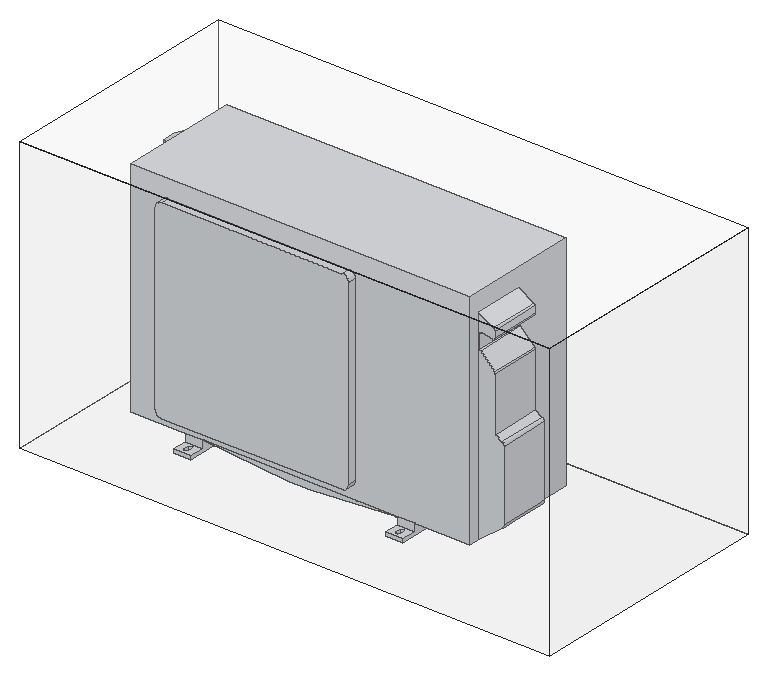
Revit family "mucz-g22_5626_60hz", category 機械設備, Revit 2023 (continued)
Definition of nested family "MUCZ-G40_56*S"
  Automatic sketch dimensions
    Extrusion 4 sketch curve to Extrusion 4 sketch curve = 15.714 mm
    Extrusion 4 sketch curve to plane 4 "TOP" = 42 mm
    curve 229 to plane 8 = 65.041 mm
    curve 397 to plane 8 = 65.041 mm
    curve 233 to curve 229 = 0 mm
    curve 389 to curve 398 = 0 mm
    curve 241 to curve 232 = 0 mm
    curve 249 to curve 241 = 0 mm
    curve 381 to curve 390 = 0 mm
    curve 257 to curve 248 = 0 mm
    curve 265 to curve 257 = 0 mm
    curve 369 to curve 382 = 0 mm
    curve 273 to curve 264 = 0 mm
    curve 365 to curve 370 = 0 mm
    curve 281 to curve 272 = 0 mm
    curve 289 to curve 280 = 0 mm
    curve 353 to curve 366 = 0 mm
    curve 297 to curve 289 = 0 mm
    curve 345 to curve 354 = 0 mm
    curve 305 to curve 296 = 0 mm
    curve 337 to curve 346 = 0 mm
    curve 313 to curve 304 = 0 mm
    curve 321 to curve 312 = 0 mm
    curve 329 to curve 321 = 0 mm
    curve 329 to curve 328 = 6 mm
    curve 322 to curve 323 = 6 mm
    curve 330 to curve 328 = 0 mm
    curve 320 to curve 322 = 0 mm
    curve 313 to curve 315 = 6 mm
    curve 337 to curve 335 = 6 mm
    curve 338 to curve 336 = 0 mm
    curve 312 to curve 314 = 0 mm
    curve 306 to curve 307 = 6 mm
    curve 345 to curve 343 = 6 mm
    curve 304 to curve 306 = 0 mm
    curve 297 to curve 299 = 6 mm
    curve 346 to curve 344 = 0 mm
    curve 353 to curve 351 = 6 mm
    curve 296 to curve 298 = 0 mm
    curve 290 to curve 291 = 6 mm
    curve 354 to curve 352 = 0 mm
    curve 288 to curve 290 = 0 mm
    curve 281 to curve 283 = 6 mm
    curve 359 to curve 351 = 0 mm  (x2)
    curve 365 to curve 363 = 6 mm
    curve 280 to curve 282 = 0 mm
    curve 273 to curve 275 = 6 mm
    curve 369 to curve 367 = 6 mm
    curve 272 to curve 274 = 0 mm
    curve 265 to curve 267 = 6 mm
    curve 370 to curve 368 = 0 mm
    curve 264 to curve 266 = 0 mm
    curve 258 to curve 259 = 6 mm
    curve 375 to curve 368 = 0 mm
    curve 381 to curve 379 = 6 mm
    curve 256 to curve 258 = 0 mm
    curve 249 to curve 251 = 6 mm
    curve 383 to curve 379 = 0 mm
    curve 248 to curve 250 = 0 mm
    curve 241 to curve 243 = 6 mm
    curve 389 to curve 387 = 6 mm
    curve 240 to curve 242 = 0 mm
    curve 233 to curve 235 = 6 mm
    curve 391 to curve 387 = 0 mm
    curve 397 to curve 395 = 6 mm
    curve 232 to curve 234 = 0 mm
    curve 229 to curve 230 = 6 mm
    curve 228 to curve 230 = 0 mm
    curve 310 to plane 1 "中心(正面/背面)" = 8.541 mm
    curve 224 to plane 1 "中心(正面/背面)" = 8.541 mm
    curve 226 to curve 224 = 0 mm
    curve 308 to curve 310 = 0 mm
    curve 311 to plane 1 "中心(正面/背面)" = 8.541 mm
    curve 395 to plane 1 "中心(正面/背面)" = 8.541 mm
    curve 339 to plane 1 "中心(正面/背面)" = 8.541 mm
    curve 302 to plane 1 "中心(正面/背面)" = 8.541 mm
    curve 342 to curve 340 = 0 mm
    curve 300 to curve 302 = 0 mm
    curve 343 to plane 1 "中心(正面/背面)" = 8.541 mm
    curve 392 to curve 394 = 0 mm
    curve 315 to curve 303 = 0 mm
    curve 231 to plane 1 "中心(正面/背面)" = 8.541 mm
    curve 235 to curve 226 = 0 mm
    curve 294 to plane 1 "中心(正面/背面)" = 8.541 mm
    curve 387 to curve 391 = 0 mm
    curve 347 to curve 342 = 0 mm
    curve 384 to curve 386 = 0 mm
    curve 292 to curve 294 = 0 mm
    curve 239 to plane 1 "中心(正面/背面)" = 8.541 mm
    curve 286 to plane 1 "中心(正面/背面)" = 8.541 mm
    curve 243 to curve 238 = 0 mm
    curve 284 to curve 286 = 0 mm
    curve 319 to plane 1 "中心(正面/背面)" = 8.541 mm
    curve 379 to curve 384 = 0 mm
    curve 278 to plane 1 "中心(正面/背面)" = 8.541 mm
    curve 351 to plane 1 "中心(正面/背面)" = 8.541 mm
    curve 276 to curve 278 = 0 mm
    curve 247 to plane 1 "中心(正面/背面)" = 8.541 mm
    curve 334 to plane 1 "中心(正面/背面)" = 8.541 mm
    curve 332 to curve 334 = 0 mm
    curve 376 to curve 378 = 0 mm
    curve 270 to plane 1 "中心(正面/背面)" = 8.541 mm
    curve 251 to curve 239 = 0 mm
    curve 268 to curve 270 = 0 mm
    curve 323 to curve 318 = 0 mm
    curve 374 to plane 1 "中心(正面/背面)" = 8.541 mm
    curve 355 to curve 350 = 0 mm
    curve 372 to curve 374 = 0 mm
    curve 255 to curve 268 = 0 mm
    curve 363 to curve 371 = 0 mm
    curve 259 to curve 247 = 0 mm
    curve 260 to curve 261 = 6 mm
    curve 360 to curve 361 = 6 mm
    curve 326 to curve 325 = 6 mm
    curve 358 to curve 357 = 6 mm
    curve 372 to curve 373 = 6 mm
    curve 254 to curve 253 = 6 mm
    curve 268 to curve 269 = 6 mm
    curve 376 to curve 377 = 6 mm
    curve 332 to curve 333 = 6 mm
    curve 276 to curve 277 = 6 mm
    curve 246 to curve 245 = 6 mm
    curve 284 to curve 285 = 6 mm
    curve 292 to curve 293 = 6 mm
    curve 350 to curve 349 = 6 mm
    curve 384 to curve 385 = 6 mm
    curve 238 to curve 237 = 6 mm
    curve 318 to curve 317 = 6 mm
    curve 392 to curve 393 = 6 mm
    curve 342 to curve 341 = 6 mm
    curve 300 to curve 301 = 6 mm
    curve 226 to curve 225 = 6 mm
    curve 308 to curve 309 = 6 mm
    curve 393 to curve 49 = 10 mm
    curve 225 to curve 221 = 10 mm
    curve 357 to curve 93 = 10 mm
    curve 316 to curve 133 = 10 mm
    curve 309 to curve 141 = 10 mm
    curve 302 to curve 149 = 10 mm
    curve 373 to curve 77 = 10 mm
    curve 293 to curve 157 = 10 mm
    curve 237 to curve 213 = 10 mm
    curve 349 to curve 101 = 10 mm
    curve 386 to curve 57 = 10 mm
    curve 325 to curve 125 = 10 mm
    curve 361 to curve 85 = 10 mm
    curve 245 to curve 205 = 10 mm
    curve 285 to curve 165 = 10 mm
    curve 377 to curve 69 = 10 mm
    curve 341 to curve 109 = 10 mm
    curve 277 to curve 173 = 10 mm
    curve 253 to curve 197 = 10 mm
    curve 269 to curve 181 = 10 mm
    curve 261 to curve 189 = 10 mm
    curve 333 to curve 117 = 10 mm
    curve 117 to curve 116 = 6 mm
    curve 189 to curve 190 = 6 mm
    curve 118 to curve 116 = 0 mm
    curve 188 to curve 190 = 0 mm
    curve 70 to curve 63 = 6 mm
    curve 181 to curve 182 = 6 mm
    curve 198 to curve 191 = 6 mm
    curve 195 to curve 183 = 0 mm
    curve 180 to curve 182 = 0 mm
    curve 57 to curve 59 = 6 mm
    curve 173 to curve 174 = 6 mm
    curve 125 to curve 119 = 6 mm
    curve 86 to curve 79 = 6 mm
    curve 172 to curve 174 = 0 mm
    curve 205 to curve 199 = 6 mm
    curve 109 to curve 110 = 6 mm
    curve 67 to curve 58 = 0 mm
    curve 108 to curve 110 = 0 mm
    curve 85 to curve 83 = 6 mm
    curve 165 to curve 166 = 6 mm
    curve 203 to curve 191 = 0 mm
    curve 164 to curve 166 = 0 mm
    curve 123 to curve 118 = 0 mm
    curve 56 to curve 58 = 0 mm
    curve 214 to curve 207 = 6 mm
    curve 71 to curve 83 = 0 mm
    curve 101 to curve 102 = 6 mm
    curve 211 to curve 199 = 0 mm
    curve 100 to curve 102 = 0 mm
    curve 157 to curve 158 = 6 mm
    curve 133 to curve 127 = 6 mm
    curve 156 to curve 158 = 0 mm
    curve 149 to curve 150 = 6 mm
    curve 76 to curve 78 = 0 mm
    curve 148 to curve 150 = 0 mm
    curve 51 to curve 55 = 0 mm
    curve 87 to curve 100 = 0 mm
    curve 131 to curve 126 = 0 mm
    curve 141 to curve 142 = 6 mm
    curve 140 to curve 142 = 0 mm
    curve 222 to curve 215 = 6 mm
    curve 219 to curve 207 = 0 mm
    curve 92 to curve 94 = 0 mm
    curve 48 to curve 50 = 0 mm
    plane 7 to curve 91 = 31.959 mm
    plane 7 to curve 135 = 31.959 mm
    curve 138 to curve 136 = 0 mm
    curve 88 to curve 90 = 0 mm
    curve 95 to curve 88 = 0 mm
    curve 143 to curve 136 = 0 mm
    curve 98 to curve 96 = 0 mm
    curve 103 to curve 95 = 0 mm
    curve 146 to curve 144 = 0 mm
    curve 106 to curve 104 = 0 mm
    curve 83 to curve 90 = 0 mm
    curve 111 to curve 104 = 0 mm
    plane 7 to curve 51 = 31.959 mm
    curve 114 to curve 112 = 0 mm
    curve 54 to curve 52 = 0 mm
    curve 151 to curve 144 = 0 mm
    curve 154 to curve 152 = 0 mm
    curve 80 to curve 82 = 0 mm
    curve 119 to curve 112 = 0 mm
    curve 122 to curve 120 = 0 mm
    curve 55 to curve 51 = 0 mm
    curve 127 to curve 138 = 0 mm
    curve 159 to curve 152 = 0 mm
    curve 130 to curve 128 = 0 mm
    curve 162 to curve 160 = 0 mm
    curve 75 to curve 83 = 0 mm
    plane 7 to curve 219 = 31.959 mm
    curve 167 to curve 159 = 0 mm
    curve 216 to curve 218 = 0 mm
    curve 170 to curve 168 = 0 mm
    curve 72 to curve 74 = 0 mm
    curve 211 to curve 219 = 0 mm
    curve 175 to curve 168 = 0 mm
    curve 178 to curve 176 = 0 mm
    curve 208 to curve 210 = 0 mm
    curve 203 to curve 211 = 0 mm
    curve 59 to curve 62 = 0 mm
    curve 200 to curve 202 = 0 mm
    curve 67 to curve 59 = 0 mm
    curve 195 to curve 202 = 0 mm
    curve 183 to curve 194 = 0 mm
    curve 192 to curve 194 = 0 mm
    curve 187 to curve 176 = 0 mm
    curve 63 to curve 74 = 0 mm
    curve 66 to curve 65 = 6 mm
    curve 184 to curve 185 = 6 mm
    curve 192 to curve 193 = 6 mm
    curve 62 to curve 61 = 6 mm
    curve 200 to curve 201 = 6 mm
    curve 178 to curve 177 = 6 mm
    curve 208 to curve 209 = 6 mm
    curve 72 to curve 73 = 6 mm
    curve 170 to curve 169 = 6 mm
    curve 216 to curve 217 = 6 mm
    curve 162 to curve 161 = 6 mm
    curve 130 to curve 129 = 6 mm
    curve 122 to curve 121 = 6 mm
    curve 154 to curve 153 = 6 mm
    curve 80 to curve 81 = 6 mm
    curve 54 to curve 53 = 6 mm
    curve 114 to curve 113 = 6 mm
    curve 106 to curve 105 = 6 mm
    curve 146 to curve 145 = 6 mm
    curve 98 to curve 97 = 6 mm
    curve 138 to curve 137 = 6 mm
    curve 88 to curve 89 = 6 mm
    level to curve 223 = 54 mm
    level to curve 215 = 54 mm
    curve 229 to curve 229 = 3 mm
    curve 221 to curve 221 = 3 mm
    curve 219 to curve 207 = 6 mm
    curve 226 to curve 235 = 6 mm
    curve 236 to curve 237 = 3 mm
    curve 209 to curve 209 = 3 mm
    curve 231 to curve 243 = 6 mm
    curve 211 to curve 199 = 6 mm
    curve 200 to curve 201 = 3 mm
    curve 244 to curve 245 = 3 mm
    curve 239 to curve 251 = 6 mm
    curve 202 to curve 191 = 6 mm
    curve 198 to curve 196 = 3 mm
    curve 252 to curve 254 = 3 mm
    curve 194 to curve 183 = 6 mm
    curve 247 to curve 259 = 6 mm
    curve 257 to curve 257 = 3 mm
    curve 190 to curve 188 = 3 mm
    curve 255 to curve 267 = 6 mm
    curve 186 to curve 175 = 6 mm
    curve 265 to curve 265 = 3 mm
    curve 176 to curve 178 = 3 mm
    curve 270 to curve 275 = 6 mm
    curve 179 to curve 167 = 6 mm
    curve 168 to curve 169 = 3 mm
    curve 276 to curve 278 = 3 mm
    curve 170 to curve 159 = 6 mm
    curve 278 to curve 283 = 6 mm
    curve 281 to curve 281 = 3 mm
    curve 165 to curve 165 = 3 mm
    curve 162 to curve 151 = 6 mm
    curve 280 to curve 291 = 6 mm
    curve 158 to curve 156 = 3 mm
    curve 289 to curve 289 = 3 mm
    curve 156 to curve 143 = 6 mm
    curve 287 to curve 299 = 6 mm
    curve 150 to curve 148 = 3 mm
    curve 297 to curve 297 = 3 mm
    curve 302 to curve 307 = 6 mm
    curve 147 to curve 135 = 6 mm
    curve 305 to curve 305 = 3 mm
    curve 141 to curve 141 = 3 mm
    curve 138 to curve 127 = 6 mm
    curve 304 to curve 315 = 6 mm
    curve 314 to curve 313 = 3 mm
    curve 129 to curve 129 = 3 mm
    curve 312 to curve 323 = 6 mm
    curve 130 to curve 119 = 6 mm
    curve 120 to curve 122 = 3 mm
    curve 322 to curve 320 = 3 mm
    curve 124 to curve 111 = 6 mm
    curve 319 to curve 331 = 6 mm
    curve 329 to curve 329 = 3 mm
    curve 113 to curve 113 = 3 mm
    curve 115 to curve 103 = 6 mm
    curve 328 to curve 339 = 6 mm
    curve 104 to curve 105 = 3 mm
    curve 340 to curve 341 = 3 mm
    curve 342 to curve 347 = 6 mm
    curve 106 to curve 95 = 6 mm
    curve 96 to curve 97 = 3 mm
    curve 346 to curve 344 = 3 mm
    curve 350 to curve 355 = 6 mm
    curve 98 to curve 87 = 6 mm
    curve 94 to curve 92 = 3 mm
    curve 357 to curve 357 = 3 mm
    curve 90 to curve 79 = 6 mm
    curve 351 to curve 359 = 6 mm
    curve 85 to curve 85 = 3 mm
    curve 366 to curve 364 = 3 mm
    curve 83 to curve 71 = 6 mm
    curve 364 to curve 371 = 6 mm
    curve 77 to curve 77 = 3 mm
    curve 372 to curve 373 = 3 mm
    curve 75 to curve 63 = 6 mm
    curve 368 to curve 375 = 6 mm
    curve 69 to curve 69 = 3 mm
    curve 376 to curve 378 = 3 mm
    curve 378 to curve 383 = 6 mm
    curve 66 to curve 59 = 6 mm
    curve 58 to curve 56 = 3 mm
    curve 389 to curve 389 = 3 mm
    curve 55 to curve 51 = 6 mm
    curve 387 to curve 391 = 6 mm
    curve 50 to curve 48 = 3 mm
    curve 397 to curve 397 = 3 mm
    plane 10 to Extrusion 5 sketch curve = 0 mm  (x2)
    Extrusion 5 sketch curve to plane 8 = 0.041 mm  (x2)
    Extrusion 5 sketch curve to plane 6 = 129.999 mm
    Extrusion 5 sketch curve to plane 7 = 0.041 mm
    Extrusion 5 sketch curve to plane 6 = 130 mm
    plane 12 to Extrusion 5 sketch curve = 5.5 mm
    Extrusion 5 sketch curve to Extrusion 5 sketch curve = 15 mm  (x6)
    Extrusion 5 sketch curve to Extrusion 5 sketch curve = 5 mm  (x2)
    Extrusion 5 sketch curve to plane 11 = 0.5 mm  (x2)
    plane 9 to Extrusion 5 sketch curve = 20.001 mm  (x2)
    plane 10 to Extrusion 5 sketch curve = 0.017 mm  (x2)
    plane 9 to Extrusion 5 sketch curve = 5.099 mm
    plane 9 to Extrusion 5 sketch curve = 5.001 mm
    plane 9 to Extrusion 5 sketch curve = 0.05 mm
    plane 9 to Extrusion 5 sketch curve = 0.001 mm
    Extrusion 5 sketch curve to plane 7 = 0.023 mm
    Extrusion 5 sketch curve to plane 7 = 7.541 mm  (x2)
    Extrusion 5 sketch curve to plane 12 = 5.5 mm
    Extrusion 5 sketch curve to plane 12 = 5.444 mm
    plane 12 to Extrusion 5 sketch curve = 5.457 mm
    plane 5 to Extrusion 6 sketch curve = 74.5 mm
    Extrusion 6 sketch curve to Extrusion 6 sketch curve = 15 mm  (x3)
    plane 3 "中心(左/右)" to Extrusion 6 sketch curve = 115.5 mm  (x2)
    level to Extrusion 6 sketch curve = 52 mm
    Extrusion 6 sketch curve to plane 4 "TOP" = 57 mm
    curve 5 to Extrusion 6 = 0.044 mm
    Extrusion 6 to curve 26 = 0 mm  (x2)
    curve 8 to Extrusion 6 = 0.044 mm
    curve 6 to Extrusion 6 = 0.044 mm
    curve 7 to Extrusion 6 = 0.044 mm
    curve 399 to Extrusion 6 = 0.044 mm
    curve 9 to Extrusion 6 = 3 mm  (x2)
    curve 9 to Extrusion 6 = 6.044 mm
    Extrusion 6 to curve 10 = 0 mm  (x2)
    curve 9 to curve 10 = 12 mm
    Extrusion 6 to curve 11 = 0 mm  (x2)
    curve 10 to curve 11 = 12 mm
    Extrusion 6 to curve 12 = 0 mm  (x2)
    curve 11 to curve 12 = 12 mm
    Extrusion 6 to curve 13 = 0 mm  (x2)
    curve 12 to curve 13 = 12 mm
    Extrusion 6 to curve 14 = 0 mm  (x2)
    curve 13 to curve 14 = 12 mm
    Extrusion 6 to curve 15 = 0 mm  (x2)
    curve 14 to curve 15 = 11.893 mm
    Extrusion 6 to curve 16 = 0 mm  (x2)
    curve 15 to curve 16 = 12.107 mm
    Extrusion 6 to curve 17 = 0 mm  (x2)
    curve 16 to curve 17 = 12 mm
    Extrusion 6 to curve 18 = 0 mm  (x2)
    curve 17 to curve 18 = 12 mm
    Extrusion 6 to curve 19 = 0 mm  (x2)
    curve 18 to curve 19 = 12 mm
    Extrusion 6 to curve 20 = 0 mm  (x2)
    curve 19 to curve 20 = 12 mm
    Extrusion 6 to curve 21 = 0 mm  (x2)
    curve 20 to curve 21 = 12 mm
    Extrusion 6 to curve 22 = 0 mm  (x2)
    curve 21 to curve 22 = 11.893 mm
    Extrusion 6 to curve 23 = 0 mm  (x2)
    curve 22 to curve 23 = 12.107 mm
    Extrusion 6 to curve 24 = 0 mm  (x2)
    curve 23 to curve 24 = 12 mm
    Extrusion 6 to curve 25 = 0 mm  (x2)
    curve 24 to curve 25 = 12 mm
    curve 25 to curve 26 = 12 mm
    Extrusion 6 to curve 27 = 0 mm  (x2)
    curve 26 to curve 27 = 12 mm
    Extrusion 6 to curve 28 = 0 mm  (x2)
    curve 27 to curve 28 = 12 mm
    Extrusion 6 to curve 29 = 0 mm  (x2)
    curve 28 to curve 29 = 11.893 mm
    Extrusion 6 to curve 30 = 0 mm  (x2)
    curve 29 to curve 30 = 12.107 mm
    Extrusion 6 to curve 31 = 0 mm  (x2)
    curve 30 to curve 31 = 12 mm
    Extrusion 6 to curve 32 = 0 mm  (x2)
    curve 31 to curve 32 = 12 mm
    Extrusion 6 to curve 33 = 0 mm  (x2)
    curve 32 to curve 33 = 12 mm
    Extrusion 6 to curve 34 = 0 mm  (x2)
    curve 33 to curve 34 = 12 mm
    Extrusion 6 to curve 35 = 0 mm  (x2)
    curve 34 to curve 35 = 12 mm
    Extrusion 6 to curve 36 = 0 mm  (x2)
    curve 35 to curve 36 = 11.893 mm
    Extrusion 6 to curve 37 = 0 mm  (x2)
    curve 36 to curve 37 = 12.107 mm
    Extrusion 6 to curve 38 = 0 mm  (x2)
    curve 37 to curve 38 = 12 mm
    Extrusion 6 to curve 39 = 0 mm  (x2)
    curve 38 to curve 39 = 12 mm
    Extrusion 6 to curve 40 = 0 mm  (x2)
    curve 39 to curve 40 = 12 mm
    Extrusion 6 to curve 41 = 0 mm  (x2)
    curve 40 to curve 41 = 12 mm
    Extrusion 6 to curve 42 = 0 mm  (x2)
    curve 41 to curve 42 = 11.893 mm
    Extrusion 6 to curve 43 = 0 mm  (x2)
    curve 42 to curve 43 = 12.107 mm
    Extrusion 6 to curve 44 = 0 mm  (x2)
    curve 43 to curve 44 = 12 mm
    Extrusion 6 to curve 45 = 0 mm  (x2)
    curve 44 to curve 45 = 12 mm
    curve 46 to Extrusion 6 = 5.956 mm
    Extrusion 6 to curve 7 = 0.044 mm
    Extrusion 6 to curve 6 = 0.044 mm
    Extrusion 6 to curve 8 = 0.044 mm
    Extrusion 6 to curve 399 = 0.044 mm
    Extrusion 6 to curve 5 = 0.044 mm
    curve 46 to Extrusion 6 = 3 mm  (x2)
    curve 46 to curve 399 = 15 mm
    curve 399 to curve 8 = 94 mm
    curve 8 to curve 7 = 94 mm
    curve 7 to curve 6 = 94 mm
    curve 5 to Extrusion 6 = 62 mm
    plane 8 to Masking region 1 sketch curve = 0 mm
    Masking region 1 sketch curve to plane 5 = 0 mm
    plane 5 to Extrusion 7 sketch curve = 40 mm
    Extrusion 7 sketch curve to plane 6 = 80 mm
    Extrusion 7 sketch curve to plane 4 "TOP" = 25 mm
    level to Extrusion 7 sketch curve = 45 mm
    level to Extrusion 7 sketch curve = 26 mm
    Extrusion 6 to Extrusion 8 sketch curve = 26 mm
    Extrusion 8 sketch curve to Extrusion 6 = 95.5 mm
    Extrusion 6 to Extrusion 8 sketch curve = 42 mm
    Extrusion 8 sketch curve to Extrusion 6 = 155.531 mm
    Extrusion 8 sketch curve to Extrusion 8 sketch curve = 50 mm
    Extrusion 6 to Extrusion 8 sketch curve = 99.5 mm
    Extrusion 9 sketch curve to plane 3 "中心(左/右)" = 0 mm
    plane 7 to Extrusion 9 sketch curve = 43.959 mm
    Extrusion 10 sketch curve to Extrusion 6 = 0 mm
    Extrusion 6 to Extrusion 10 sketch curve = 7 mm
    Extrusion 6 to Extrusion 10 sketch curve = 34.5 mm
    Extrusion 6 to Extrusion 10 sketch curve = 24.5 mm
    Extrusion 10 sketch curve to Extrusion 10 sketch curve = 10 mm  (x2)
    Extrusion 10 sketch curve to Extrusion 10 sketch curve = 0 mm  (x4)
    Extrusion 10 sketch curve to Extrusion 6 = 45.532 mm  (x2)
    Extrusion 6 to Extrusion 10 sketch curve = 8 mm
    Extrusion 10 sketch curve to Extrusion 6 = 106 mm
    Extrusion 10 sketch curve to Extrusion 10 sketch curve = 14 mm  (x2)
    Extrusion 10 sketch curve to Extrusion 10 sketch curve = 106 mm  (x2)
    Extrusion 10 sketch curve to Extrusion 10 sketch curve = 12 mm
    Extrusion 10 sketch curve to Extrusion 10 sketch curve = 9 mm
    plane 1 "中心(正面/背面)" to Sweep 11 sketch curve = 27.959 mm
    level to Sweep 11 sketch curve = 164.5 mm
    plane 1 "中心(正面/背面)" to Sweep 11 sketch curve = 5.924 mm
    Sweep 11 sketch curve to Sweep 11 sketch curve = 15.429 mm
    Sweep 11 sketch curve to profile plane = 0 mm  (x2)
    plane 1 "中心(正面/背面)" to Sweep 12 sketch curve = 27.959 mm
    level to Sweep 12 sketch curve = 99.5 mm
    plane 1 "中心(正面/背面)" to Sweep 12 sketch curve = 8.213 mm
    Sweep 12 sketch curve to Sweep 12 sketch curve = 18.414 mm
    Sweep 12 sketch curve to profile plane = 0 mm  (x2)
    plane 7 to curve 2 = 0 mm
    plane 8 to curve 3 = 0 mm
    Masking region 1 sketch curve to plane 6 = 0 mm
    radius of Extrusion 9 sketch curve = 21 mm
    radius of Sweep 11 sketch curve = 6.35 mm
    radius of Sweep 12 sketch curve = 9.52 mm
  Nested families
    nested 1: "固定点" at (-250, -159.959, 0), type "固定点", detail levels fine
      with D 310 mm
  Definition of nested family "固定点"
    Parameters (values of type "固定点")
      Default Elevation = 0 mm
      中心円 = if(W > 599 mm, 12 mm, 10 mm)  # 10 mm
      W = 500 mm
      D = 300 mm
    Reference planes
      plane 1 "中心(正面/背面)": y = 0
      plane 2: z = 0
      plane 3 "中心(左/右)": x = 0
      plane 4: x = 500
      plane 5: y = 300
    Lines and regions (mm)
      symbolic lines, detail levels fine
        curve 1: circle (0, 300, 0) r 5 normal (0, 0, 1)
        curve 2: circle (0, 0, 0) r 5 normal (0, 0, 1)
        curve 3: circle (500, 300, 0) r 5 normal (0, 0, 1)
        curve 4: circle (500, 0, 0) r 5 normal (0, 0, 1)
        curve 5: line (-200, 300, 0) -> (700, 300, 0)
        curve 6: line (-200, 0, 0) -> (700, 0, 0)
        curve 7: line (0, 500, 0) -> (0, -200, 0)
        curve 8: line (500, 500, 0) -> (500, -200, 0)
    Dimensions and locks
      "W": plane 3 "中心(左/右)" to plane 4
      "D": plane 1 "中心(正面/背面)" to plane 5
      "中心円": diameter of curve 1
      "中心円": diameter of curve 2
      "中心円": diameter of curve 3
      "中心円": diameter of curve 4
      aligned and locked: level to plane 2
      aligned and locked: plane 5 to curve 1
      aligned and locked: plane 3 "中心(左/右)" to curve 1
      aligned and locked: plane 3 "中心(左/右)" to curve 2
      aligned and locked: plane 1 "中心(正面/背面)" to curve 2
      aligned and locked: plane 4 to curve 3
      aligned and locked: plane 5 to curve 3
      aligned and locked: plane 1 "中心(正面/背面)" to curve 4
      aligned and locked: plane 4 to curve 4
      aligned and locked: plane 1 "中心(正面/背面)" to curve 6
      aligned and locked: curve 7 to plane 3 "中心(左/右)"
      aligned and locked: curve 8 to plane 4
    Automatic sketch dimensions
      curve 5 to plane 5 = 0 mm
      curve 6 to plane 3 "中心(左/右)" = 200 mm
      curve 5 to plane 3 "中心(左/右)" = 200 mm
      curve 4 to curve 6 = 200 mm
      curve 3 to curve 5 = 200 mm
      plane 1 "中心(正面/背面)" to curve 8 = 200 mm
      plane 1 "中心(正面/背面)" to curve 7 = 200 mm
      curve 3 to curve 8 = 200 mm
      curve 1 to curve 7 = 200 mm
Types (19, lengths in mm): name | 風量 | 音響パワーレベル(dB) | 電圧 | 電動機出力_送風機 | 電動機出力_圧縮機 | 運転音(強暖房)  db | 運転音(強冷房)  db | 質量 | 製品質量 | 暖房能力 | 暖房 風量 | 形式 | 形名 | 冷房 風量 | 冷媒　位置Z | 冷媒　位置Y | 冷媒　位置X | 冷房能力 | モデル | ドレン穴径 | ドレン　位置Z | ドレン　位置Y | Width | URL | MAX風量 | Height | Depth | Clearance Front | COP_暖房 | COP_冷房 | COP | BLCJ仕様バージョン
  (no name) | 2135.0 m³/h | 68 | 200 V | 50 W | 1500 W | 68 | 65 | 40.80 kg | 34.00 kg | 6.7 kW | 2135.0 m³/h | "パッケージ形 室外機" | MUCZ-G40_56*S : MUCZ-G40_56*S | 2040.0 m³/h | 132.5 | 171 | 429 | 5.6 kW | "MUCZ-G5626SEE" | 42.00 | 45 | 44 | 800 | "https://www.mitsubishielectric.co.jp/ldg/wink/ssl/displayProduct.do?pid=355299&ccd=1040101412" | 2135.0 m³/h | 550 | 285 | 200 | 3.38 | 2.35 | 2.865 | "2.0"
  MUCZ-G2226 | 1370.0 m³/h | 59 | 100 V | 22 W | 600 W | 59 | 59 | 22.80 kg | 19.00 kg | 2.2 kW | 1265.0 m³/h | "パッケージ形 室外機" | MUCZ-G22* : MUCZ-G22* | 1370.0 m³/h | 128.5 | 136 | 361.5 | 2.2 kW | "MUCZ-G2226" | 42.00 | 23.5 | 44 | 679 | "https://www.mitsubishielectric.co.jp/ldg/wink/ssl/displayProduct.do?pid=355237&ccd=1040101412" | 1370.0 m³/h | 453 | 249 | 100 | 4.68 | 3.36 | 4.02 | "2.0"
  MUCZ-G2526 | 1690.0 m³/h | 61 | 100 V | 22 W | 650 W | 60 | 61 | 22.80 kg | 19.00 kg | 2.8 kW | 1490.0 m³/h | "パッケージ形 室外機" | MUCZ-G25_28* : MUCZ-G25_28* | 1690.0 m³/h | 128.5 | 136 | 361.5 | 2.5 kW | "MUCZ-G2526" | 42.00 | 23.5 | 44 | 679 | "https://www.mitsubishielectric.co.jp/ldg/wink/ssl/displayProduct.do?pid=355242&ccd=1040101412" | 1690.0 m³/h | 453 | 249 | 100 | 4.48 | 3.36 | 3.92 | "2.0"
  MUCZ-G2826 | 1710.0 m³/h | 65 | 100 V | 22 W | 750 W | 65 | 62 | 24.00 kg | 20.00 kg | 3.6 kW | 1600.0 m³/h | "パッケージ形 室外機" | MUCZ-G25_28* : MUCZ-G25_28* | 1710.0 m³/h | 128.5 | 136 | 361.5 | 2.8 kW | "MUCZ-G2826" | 42.00 | 23.5 | 44 | 679 | "https://www.mitsubishielectric.co.jp/ldg/wink/ssl/displayProduct.do?pid=355247&ccd=1040101412" | 1710.0 m³/h | 453 | 249 | 100 | 3.96 | 3.5 | 3.73 | "2.0"
  MUCZ-G3626 | 2110.0 m³/h | 64 | 100 V | 22 W | 950 W | 64 | 61 | 27.60 kg | 23.00 kg | 4.2 kW | 2015.0 m³/h | "パッケージ形 屋外機" | MUCZ-G36* : MUCZ-G36* | 2110.0 m³/h | 130.5 | 121 | 371.5 | 3.6 kW | "MUCZ-G3626" | 33.00 | 23.5 | 42 | 699 | "https://www.mitsubishielectric.co.jp/ldg/wink/ssl/displayProduct.do?pid=355252&ccd=1040101412" | 2110.0 m³/h | 538 | 249 | 100 | 3.46 | 2.54 | 3 | "2.0"
  MUCZ-G4026S | 2280.0 m³/h | 64 | 200 V | 50 W | 1100 W | 64 | 61 | 33.60 kg | 28.00 kg | 5 kW | 2280.0 m³/h | "パッケージ形 室外機" | MUCZ-G40_56*S : MUCZ-G40_56*S | 2280.0 m³/h | 132.5 | 171 | 429 | 4 kW | "MUCZ-G4026S" | 42.00 | 45 | 44 | 800 | "https://www.mitsubishielectric.co.jp/ldg/wink/ssl/displayProduct.do?pid=355257&ccd=1040101412" | 2280.0 m³/h | 550 | 285 | 200 | 3.38 | 2.41 | 2.895 | "2.0"
  MUCZ-G5626S | 2135.0 m³/h | 68 | 200 V | 50 W | 1500 W | 68 | 65 | 40.80 kg | 34.00 kg | 6.7 kW | 2135.0 m³/h | "パッケージ形 室外機" | MUCZ-G40_56*S : MUCZ-G40_56*S | 2040.0 m³/h | 132.5 | 171 | 429 | 5.6 kW | "MUCZ-G5626S" | 42.00 | 45 | 44 | 800 | "https://www.mitsubishielectric.co.jp/ldg/wink/ssl/displayProduct.do?pid=355262&ccd=1040101412" | 2135.0 m³/h | 550 | 285 | 200 | 3.38 | 2.35 | 2.865 | "2.0"
  MUCZ-G2226E | 1370.0 m³/h | 59 | 100 V | 22 W | 600 W | 59 | 59 | 22.80 kg | 19.00 kg | 2.2 kW | 1265.0 m³/h | "パッケージ形 室外機" | MUCZ-G22* : MUCZ-G22* | 1370.0 m³/h | 128.5 | 136 | 361.5 | 2.2 kW | "MUCZ-G2226E" | 42.00 | 23.5 | 44 | 679 | "https://www.mitsubishielectric.co.jp/ldg/wink/ssl/displayProduct.do?pid=355266&ccd=1040101412" | 1370.0 m³/h | 453 | 249 | 100 | 4.68 | 3.36 | 4.02 | "2.0"
  MUCZ-G2226EE | 1370.0 m³/h | 59 | 100 V | 22 W | 600 W | 59 | 59 | 22.80 kg | 19.00 kg | 2.2 kW | 1265.0 m³/h | "パッケージ形 室外機" | MUCZ-G22* : MUCZ-G22* | 1370.0 m³/h | 128.5 | 136 | 361.5 | 2.2 kW | "MUCZ-G2226EE" | 42.00 | 23.5 | 44 | 679 | "https://www.mitsubishielectric.co.jp/ldg/wink/ssl/displayProduct.do?pid=355284&ccd=1040101412" | 1370.0 m³/h | 453 | 249 | 100 | 4.68 | 3.36 | 4.02 | "2.0"
  MUCZ-G2526E | 1690.0 m³/h | 61 | 100 V | 22 W | 650 W | 60 | 61 | 22.80 kg | 19.00 kg | 2.8 kW | 1490.0 m³/h | "パッケージ形 室外機" | MUCZ-G25_28* : MUCZ-G25_28* | 1690.0 m³/h | 128.5 | 136 | 361.5 | 2.5 kW | "MUCZ-G2526E" | 42.00 | 23.5 | 44 | 679 | "https://www.mitsubishielectric.co.jp/ldg/wink/ssl/displayProduct.do?pid=355269&ccd=1040101412" | 1690.0 m³/h | 453 | 249 | 100 | 4.48 | 3.36 | 3.92 | "Version1.0"
  MUCZ-G2526EE | 1690.0 m³/h | 61 | 100 V | 22 W | 650 W | 60 | 61 | 22.80 kg | 19.00 kg | 2.8 kW | 1490.0 m³/h | "パッケージ形 室外機" | MUCZ-G25_28* : MUCZ-G25_28* | 1690.0 m³/h | 128.5 | 136 | 361.5 | 2.5 kW | "MUCZ-G2526EE" | 42.00 | 23.5 | 44 | 679 | "https://www.mitsubishielectric.co.jp/ldg/wink/ssl/displayProduct.do?pid=355287&ccd=1040101412" | 1690.0 m³/h | 453 | 249 | 100 | 4.48 | 3.36 | 3.92 | "2.0"
  MUCZ-G2826E | 1710.0 m³/h | 65 | 100 V | 22 W | 750 W | 65 | 62 | 24.00 kg | 20.00 kg | 3.6 kW | 1600.0 m³/h | "パッケージ形 室外機" | MUCZ-G25_28* : MUCZ-G25_28* | 1710.0 m³/h | 128.5 | 136 | 361.5 | 2.8 kW | "MUCZ-G2826E" | 42.00 | 23.5 | 44 | 679 | "https://www.mitsubishielectric.co.jp/ldg/wink/ssl/displayProduct.do?pid=355272&ccd=1040101412" | 1710.0 m³/h | 453 | 249 | 100 | 3.96 | 3.5 | 3.73 | "2.0"
  MUCZ-G2826EE | 1710.0 m³/h | 65 | 100 V | 22 W | 750 W | 65 | 62 | 24.00 kg | 20.00 kg | 3.6 kW | 1600.0 m³/h | "パッケージ形 室外機" | MUCZ-G25_28* : MUCZ-G25_28* | 1710.0 m³/h | 128.5 | 136 | 361.5 | 2.8 kW | "MUCZ-G2826EE" | 42.00 | 23.5 | 44 | 679 | "https://www.mitsubishielectric.co.jp/ldg/wink/ssl/displayProduct.do?pid=355290&ccd=1040101412" | 1710.0 m³/h | 453 | 249 | 100 | 3.96 | 3.5 | 3.73 | "Version1.0"
  MUCZ-G3626E | 2110.0 m³/h | 64 | 100 V | 22 W | 950 W | 64 | 61 | 27.60 kg | 23.00 kg | 4.2 kW | 2015.0 m³/h | "パッケージ形 室外機" | MUCZ-G36* : MUCZ-G36* | 2110.0 m³/h | 130.5 | 121 | 371.5 | 3.6 kW | "MUCZ-G3626E" | 33.00 | 23.5 | 42 | 699 | "https://www.mitsubishielectric.co.jp/ldg/wink/ssl/displayProduct.do?pid=355275&ccd=1040101412" | 2110.0 m³/h | 538 | 249 | 100 | 3.46 | 2.54 | 3 | "2.0"
  MUCZ-G3626EE | 2110.0 m³/h | 64 | 100 V | 22 W | 950 W | 64 | 61 | 27.60 kg | 23.00 kg | 4.2 kW | 2015.0 m³/h | "パッケージ形 室外機" | MUCZ-G36* : MUCZ-G36* | 2110.0 m³/h | 130.5 | 121 | 371.5 | 3.6 kW | "MUCZ-G3626EE" | 33.00 | 23.5 | 42 | 699 | "https://www.mitsubishielectric.co.jp/ldg/wink/ssl/displayProduct.do?pid=355293&ccd=1040101412" | 2110.0 m³/h | 538 | 249 | 100 | 3.46 | 2.54 | 3 | "2.0"
  MUCZ-G4026SE | 2280.0 m³/h | 64 | 200 V | 50 W | 1100 W | 64 | 61 | 33.60 kg | 28.00 kg | 5 kW | 2280.0 m³/h | "パッケージ形 室外機" | MUCZ-G40_56*S : MUCZ-G40_56*S | 2280.0 m³/h | 132.5 | 171 | 429 | 4 kW | "MUCZ-G4026SE" | 42.00 | 45 | 44 | 800 | "https://www.mitsubishielectric.co.jp/ldg/wink/ssl/displayProduct.do?pid=355278&ccd=1040101412" | 2280.0 m³/h | 550 | 285 | 200 | 3.38 | 2.41 | 2.895 | "2.0"
  MUCZ-G4026SEE | 2280.0 m³/h | 64 | 200 V | 50 W | 1100 W | 64 | 61 | 33.60 kg | 28.00 kg | 5 kW | 2280.0 m³/h | "パッケージ形 室外機" | MUCZ-G40_56*S : MUCZ-G40_56*S | 2280.0 m³/h | 132.5 | 171 | 429 | 4 kW | "MUCZ-G4026SEE" | 42.00 | 45 | 44 | 800 | "https://www.mitsubishielectric.co.jp/ldg/wink/ssl/displayProduct.do?pid=355296&ccd=1040101412" | 2280.0 m³/h | 550 | 285 | 200 | 3.38 | 2.41 | 2.895 | "2.0"
  MUCZ-G5626SE | 2135.0 m³/h | 68 | 200 V | 50 W | 1500 W | 68 | 65 | 40.80 kg | 34.00 kg | 6.7 kW | 2135.0 m³/h | "パッケージ形 室外機" | MUCZ-G40_56*S : MUCZ-G40_56*S | 2040.0 m³/h | 132.5 | 171 | 429 | 5.6 kW | "MUCZ-G5626SE" | 42.00 | 45 | 44 | 800 | "https://www.mitsubishielectric.co.jp/ldg/wink/ssl/displayProduct.do?pid=355281&ccd=1040101412" | 2135.0 m³/h | 550 | 285 | 200 | 3.38 | 2.35 | 2.865 | "2.0"
  MUCZ-G5626SEE | 2135.0 m³/h | 68 | 200 V | 50 W | 1500 W | 68 | 65 | 40.80 kg | 34.00 kg | 6.7 kW | 2135.0 m³/h | "パッケージ形 室外機" | MUCZ-G40_56*S : MUCZ-G40_56*S | 2040.0 m³/h | 132.5 | 171 | 429 | 5.6 kW | "MUCZ-G5626SEE" | 42.00 | 45 | 44 | 800 | "https://www.mitsubishielectric.co.jp/ldg/wink/ssl/displayProduct.do?pid=355299&ccd=1040101412" | 2135.0 m³/h | 550 | 285 | 200 | 3.38 | 2.35 | 2.865 | "2.0"
